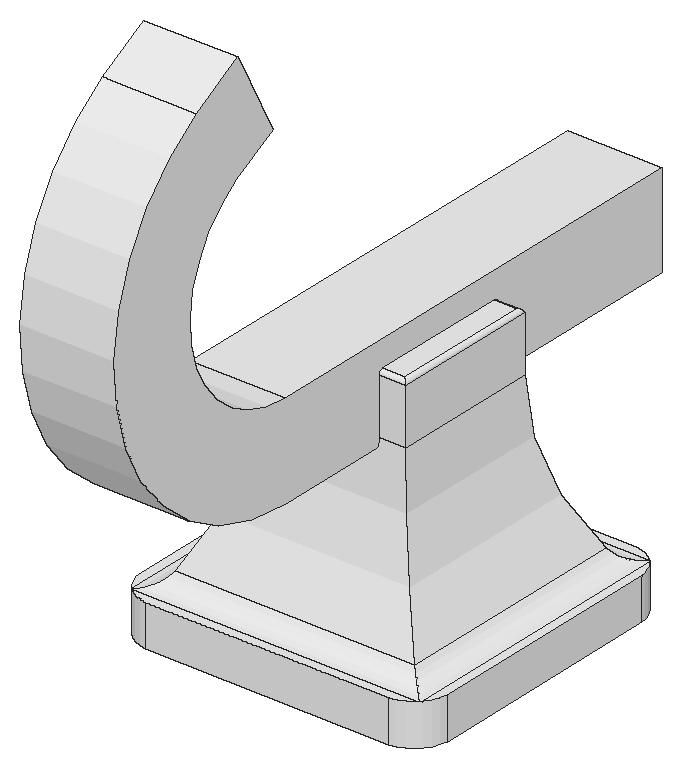
Revit family "Robe_Hook-American_Standard-Townsend-7353210_Series", category Specialty Equipment, host Face, Revit 2019
Family settings
  Host = Face
  Round Connector Dimension = Use Diameter
  Part Type = Normal
  OmniClass Number = 23.40.20.21.31
  OmniClass Title = Robe Hooks
  Cut with Voids When Loaded = No
  Shared = Yes
  Room Calculation Point = No
Parameters (values of type "7353210.002")
  Width = 2"  # constant formula
  Warranty Information = "Limited Lifetime Warranty"  # constant formula
  URL = "https://www.americanstandard-us.com/"
  Type Comments = ""
  Revised Date = "02/26/2024"  # constant formula
  Product Page URL = "https://www.americanstandard-us.com/robe-hooks/townsend-double-robe-hook/chrome-7353210002"
  Product Documentation Link = "https://lixil.cdn.celum.cloud/168942_spec_7353210_Townsend_robe_hook_original.pdf"
  Model = "7353210.002"
  Material = "Metal-American Standard-002-Polished Chrome"
  Manufacturer = "American Standard"  # constant formula
  Length = 4"  # constant formula
  Installation Type = "Wall Mount"  # constant formula
  Height = 4 3/8"  # constant formula
  Finish = Metal-American Standard-002-Polished Chrome
  Description = "Townsend® Double Robe Hook "  # constant formula
  Default Elevation = 56"  # constant formula
  Creation Date = "05/23/2019"  # constant formula
  Assembly Code = "C1030220"
Types (7): name | Product Page URL | Model | Material | Finish
  (no name) | "https://www.americanstandard-us.com/robe-hooks/townsend-double-robe-hook/chrome-7353210002" | "7353210.002" | "Metal-American Standard-002-Polished Chrome" | Metal-American Standard-002-Polished Chrome
  7353210.002 | "https://www.americanstandard-us.com/robe-hooks/townsend-double-robe-hook/chrome-7353210002" | "7353210.002" | "Metal-American Standard-002-Polished Chrome" | Metal-American Standard-002-Polished Chrome
  7353210.013 | "https://www.americanstandard-us.com/robe-hooks/townsend-double-robe-hook/polished-nickel-7353210013" | "7353210.013" | "Metal-American Standard-013-Polished Nickel" | Metal-American Standard-013-Polished Nickel
  7353210.295 | "https://www.americanstandard-us.com/robe-hooks/townsend-double-robe-hook/brushed-nickel-7353210295" | "7353210.295" | "Metal-American Standard-295-Brushed Nickel" | Metal-American Standard-295-Brushed Nickel
  7353210.278 | "https://www.americanstandard-us.com/robe-hooks/townsend-double-robe-hook/legacy-bronze-7353210278" | "7353210.278" | "Metal-American Standard-278-Legacy Bronze" | Metal-American Standard-278-Legacy Bronze
  7353210.243 | "https://www.americanstandard-us.com/robe-hooks/townsend-double-robe-hook/matte-black-7353210243" | "7353210.243" | "Metal-American Standard-243-Matte Black" | Metal-American Standard-243-Matte Black
  7353210.GN0 | "https://www.americanstandard-us.com/robe-hooks/townsend-double-robe-hook/grohe-brushed-cool-sunrise-7353210gn0" | "7353210.GN0" | "Metal-American Standard-GN0-Brushed Cool Sunrise" | Metal-American Standard-GN0-Brushed Cool Sunrise
Reference planes (in)
  plane 1 "Center (Front/Back)": y = 0
  plane 2: z = 0
  plane 3 "Center (Left/Right)": x = -0.0013265
  plane 4: x = -1.0013265
  plane 5: x = 0.9986735
  plane 6: y = 1
  plane 7: y = -1
  plane 8: z = 1.8937752
  plane 9: z = 1.2984481
  plane 10: z = 1.9074991
  plane 11: z = 1.0972242
  plane 12: z = 4
Forms (in)
  Sweep 1, solid, material "Metal-American Standard-002-Polished Chrome" <- "Finish"
    path origin (0, 0, 0) x (1, 0, 0) y (0, 1, 0)
      loop
        line (-0.4075765, 0.404246) -> (-0.4075765, -0.404246) -> (0.4049235, -0.404246) -> (0.4049235, 0.404246) -> (-0.4075765, 0.404246)
    profile origin (-0.0013265, 0.404246, 0) x (0, 1, 0) y (0, 0, 1)
      loop
        line (0.0625, 1.3515702) -> (0.0625, 1.7001818)
        arc (0.0625, 1.7001818) -> (0.054589, 1.7192806) -> (0.0354901, 1.7271916) r 0.0270099
        line (0.0354901, 1.7271916) -> (-0.25, 1.7271916) -> (-0.25, 0) -> (0.8045003, 0) -> (0.8045003, 0.2633022) -> (0.5054244, 0.2633022)
        arc (0.5054244, 0.2633022) -> (0.4157071, 0.286549) -> (0.3485678, 0.350439) r 0.1847487
        arc (0.3485678, 0.350439) -> (0.1354201, 0.83097) -> (0.0625, 1.3515702) r 1.8948279
  Extrusion 2, void
    sketch origin (0, 0, 0) x (1, 0, 0) y (0, 1, 0)
      loop
        arc (-0.7656162, 0.9696656) -> (-0.9061412, 0.9048147) -> (-0.9709922, 0.7642896) r 0.2238187
        arc (-0.9709922, 0.7642896) -> (-1.0013265, -0.0005073) -> (-0.9709117, -0.765301) r 9.6434937
        arc (-0.9709117, -0.765301) -> (-0.9063994, -0.9050729) -> (-0.7666275, -0.9695852) r 0.2226563
        arc (-0.7666275, -0.9695852) -> (-0.0013265, -1) -> (0.7639744, -0.9695852) r 9.6434937
        arc (0.7639744, -0.9695852) -> (0.9037463, -0.9050729) -> (0.9682586, -0.765301) r 0.2226563
        arc (0.9682586, -0.765301) -> (0.9986735, 0) -> (0.9682586, 0.765301) r 9.6434937
        arc (0.9682586, 0.765301) -> (0.9037463, 0.9050729) -> (0.7639744, 0.9695852) r 0.2226563
        arc (0.7639744, 0.9695852) -> (-0.0008193, 1) -> (-0.7656162, 0.9696656) r 9.6434937
      loop
        line (-1.2120768, 1.2087462) -> (-1.2120768, -1.2087462) -> (1.2094237, -1.2087462) -> (1.2094237, 1.2087462) -> (-1.2120768, 1.2087462)
    from 0 to 0.8849352
  Sweep 3, solid, material "Metal-American Standard-002-Polished Chrome" <- "Finish"
    path origin (-0.0013265, 0, 0.09375) x (0, 1, 0) y (0, 0, 1)
      loop
        line (1.7625619, 1.4854548) -> (-1.2016674, 1.4854548)
        arc (-1.2016674, 1.4854548) -> (-2.2315575, 2.2689257) -> (-1.7513279, 3.4705412) r 1.0686423
        arc (-1.7513279, 3.4705412) -> (-1.6012254, 3.5575534) -> (-1.448596, 3.6400526) r 5.8199191
    profile origin (-0.0013265, 0.2804473, 1.5792048) x (0, 0, -1) y (1, 0, 0)
      loop
        line (-0.3145703, 0.296875) -> (-0.3145703, -0.296875) -> (0.2807567, -0.296875) -> (0.2807567, 0.296875) -> (-0.3145703, 0.296875)
Cuts and joins
  Extrusion 2 cuts Sweep 1
  joined: Sweep 1, Sweep 3
Lines and regions (in)
  Masking region 1
    outline origin (0, 0, 0) x (1, 0, 0) y (0, 0, 1)
      loop
        line (0.4674235, 1.3515702) -> (0.4674235, 1.7001818)
        arc (0.4674235, 1.7001818) -> (0.4595124, 1.7192806) -> (0.4404136, 1.7271916) r 0.0270099
        line (0.4404136, 1.7271916) -> (0.2955485, 1.7271916) -> (0.2955485, 3.9827507) -> (-0.2982015, 3.9827507) -> (-0.2982015, 1.7271916) -> (-0.4430667, 1.7271916)
        arc (-0.4430667, 1.7271916) -> (-0.4621655, 1.7192806) -> (-0.4700765, 1.7001818) r 0.0270099
        line (-0.4700765, 1.7001818) -> (-0.4700765, 1.3515702)
        arc (-0.4700765, 1.3515702) -> (-0.5429966, 0.83097) -> (-0.7561443, 0.350439) r 1.8948279
        arc (-0.7561443, 0.350439) -> (-0.8232836, 0.286549) -> (-0.913001, 0.2633022) r 0.1847487
        line (-0.913001, 0.2633022) -> (-1.0013265, 0.2633022) -> (-1.0013265, 0) -> (0.9986735, 0) -> (0.9986735, 0.2633022) -> (0.9103479, 0.2633022)
        arc (0.9103479, 0.2633022) -> (0.8206305, 0.286549) -> (0.7534913, 0.350439) r 0.1847487
        arc (0.7534913, 0.350439) -> (0.5403435, 0.83097) -> (0.4674235, 1.3515702) r 1.8948279
  symbolic lines, detail levels medium+fine
    curve 1: line (0.2955485, 0, 1.7271916) -> (0.2955485, 0, 1.2984481)
    curve 2: line (0.2955485, 0, 1.2984481) -> (-0.2982015, 0, 1.2984481)
    curve 3: line (-0.2982015, 0, 1.2984481) -> (-0.2982015, 0, 1.7271916)
  symbolic lines, detail levels fine
    curve 4: line (0.2955485, 0, 1.8937752) -> (-0.2982015, 0, 1.8937752)
    curve 5: line (0.2955485, 0, 3.4548719) -> (-0.2982015, 0, 3.4548719)
Dimensions and locks (in)
  equal spacing: plane 4, plane 3 "Center (Left/Right)", plane 5
  "Width": plane 4 to plane 5
  equal spacing: plane 6, plane 1 "Center (Front/Back)", plane 7
  plane 6 to plane 7 = 2"
  equal spacing: Sweep 1 sketch curve, plane 1 "Center (Front/Back)", Sweep 1 sketch curve
  equal spacing: Sweep 1 sketch curve, plane 3 "Center (Left/Right)", Sweep 1 sketch curve
  Sweep 1 sketch curve to Sweep 1 sketch curve = 0.80849"
  Sweep 1 sketch curve to Sweep 1 sketch curve = 13/16"
  plane 9 to plane 8 = 0.59533"
  "Length": plane 12 to level
  aligned and locked: plane 2 to host face
  aligned and locked: level to host face
Automatic sketch dimensions
  host sketch curve to host sketch curve = 96"  (x2)
  plane 1 "Center (Front/Back)" to Extrusion 2 sketch curve = 0"  (x2)
  Extrusion 2 sketch curve to plane 3 "Center (Left/Right)" = 0"  (x2)
  Extrusion 2 sketch curve to plane 4 = 0.25345"
  Extrusion 2 sketch curve to plane 4 = 0.25237"
  plane 4 to Extrusion 2 sketch curve = 0.21075"
  Extrusion 2 sketch curve to plane 5 = 0.25237"  (x2)
  plane 5 to Extrusion 2 sketch curve = 0.21075"
  Extrusion 2 sketch curve to plane 7 = 0.25237"  (x2)
  plane 7 to Extrusion 2 sketch curve = 0.20875"
  Extrusion 2 sketch curve to plane 6 = 0.25345"
  Extrusion 2 sketch curve to plane 6 = 0.25237"
  plane 6 to Extrusion 2 sketch curve = 0.20875"
  Extrusion 2 sketch curve to Extrusion 2 sketch curve = 7.43475"  (x2)
  Extrusion 2 sketch curve to plane 6 = 0.03033"
  Extrusion 2 sketch curve to Extrusion 2 sketch curve = 0"  (x6)
  Extrusion 2 sketch curve to plane 7 = 0.03041"
  Sweep 1 sketch curve to level = 0"
  profile plane to Sweep 1 sketch curve = 1/4"
  Sweep 1 sketch curve to profile plane = 0.03549"
  Sweep 1 sketch curve to Sweep 1 sketch curve = 0.02701"
  Sweep 1 sketch curve to profile plane = 0.50542"
  Sweep 1 sketch curve to Sweep 1 sketch curve = 0.29908"
  Sweep 1 sketch curve to Sweep 1 sketch curve = 1.15283"
  level to Sweep 1 sketch curve = 0.2633"
  Sweep 1 sketch curve to Sweep 1 sketch curve = 0.18475"
  level to Sweep 1 sketch curve = 1 45/128"
  Sweep 1 sketch curve to Sweep 1 sketch curve = 0.34861"
  plane 7 to Sweep 3 sketch curve = 0.20167"
  plane 6 to Sweep 3 sketch curve = 31/128"
  Sweep 3 sketch curve to level = 1.42674"
  Sweep 3 sketch curve to Sweep 3 sketch curve = 0.30273"
  Sweep 3 sketch curve to Sweep 3 sketch curve = 0"
  plane 6 to Sweep 3 sketch curve = 0.76256"
  Sweep 3 sketch curve to plane 8 = 0"
  Sweep 3 sketch curve to plane 9 = 0"
  Sweep 3 sketch curve to plane 3 "Center (Left/Right)" = 19/64"
  plane 3 "Center (Left/Right)" to Sweep 3 sketch curve = 19/64"
  plane 4 to Masking region 1 sketch curve = 0"
  Masking region 1 sketch curve to plane 5 = 0"
  Masking region 1 sketch curve to level = 0"
  plane 11 to Masking region 1 sketch curve = 0.25435"  (x2)
  Masking region 1 sketch curve to Masking region 1 sketch curve = 0.08833"
  Masking region 1 sketch curve to plane 3 "Center (Left/Right)" = 15/32"
  Masking region 1 sketch curve to Masking region 1 sketch curve = 0.02701"  (x2)
  Masking region 1 sketch curve to Masking region 1 sketch curve = 0.14487"  (x2)
  plane 3 "Center (Left/Right)" to Masking region 1 sketch curve = 19/64"
  Masking region 1 sketch curve to plane 5 = 0.08833"
  level to Masking region 1 sketch curve = 0.2633"  (x2)
  Masking region 1 sketch curve to Masking region 1 sketch curve = 0.18475"  (x2)
  Masking region 1 sketch curve to plane 10 = 2.07525"
  Extrusion 2 sketch curve to Extrusion 2 sketch curve = 7.43274"  (x2)
  plane 5 to Masking region 1 sketch curve = 1.36358"
  plane 4 to Masking region 1 sketch curve = 1.36358"
  plane 11 to Sweep 3 sketch curve = 0.48198"
  Sweep 3 sketch curve to plane 10 = 0.74035"
  plane 10 to Masking region 1 sketch curve = 0.20732"  (x2)
  curve 2 to plane 3 "Center (Left/Right)" = 19/64"
  plane 3 "Center (Left/Right)" to curve 1 = 19/64"
  plane 11 to curve 1 = 0.20122"
  curve 5 to plane 3 "Center (Left/Right)" = 19/64"
  plane 10 to curve 4 = 0.01372"
  curve 4 to curve 3 = 0"
  curve 4 to curve 1 = 0"
  plane 3 "Center (Left/Right)" to curve 5 = 19/64"
  curve 1 to curve 4 = 0.16658"
  curve 3 to curve 4 = 0.16658"
  curve 5 to plane 12 = 0.54513"
